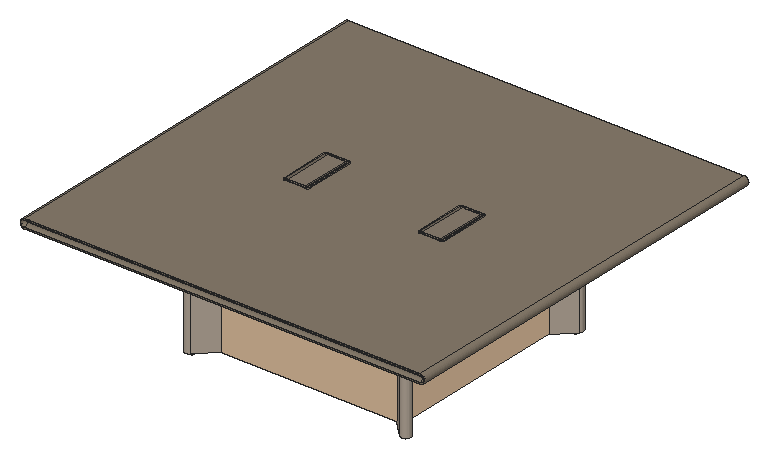
Revit family "Table-Teknion-CFSBCN_Figure_Table_Square_Gable_Enclosed_Base_Bullnose_Cove_Edge-R2023", category Furniture, Revit 2023 (continued)
Definition of nested family "Base"
  Dimensions and locks (in)
    equal spacing: plane 6 "Back", plane 1 "Center Front/Back", plane 7 "Front"
    locked: nested 3 to plane 2 at 0.5
    locked: nested 1 to plane 2 at 0.5
    locked: nested 4 to plane 2 at 0.5
    locked: nested 2 to plane 2 at 0.5
    locked: Sweep 1 sketch curve to plane 2 at 0.5
    locked: plane 8 "Top" to Sweep 1 sketch curve at 1.75
    locked: plane 8 "Top" to Sweep 2 sketch curve at 0.75
    locked: Sweep 2 sketch curve to plane 2 at 0.5
    Sweep 2 sketch curve to Sweep 2 sketch curve to plane 13 = 0.000" locked, 0.35355" locked
    plane 15 to Sweep 2 sketch curve to Sweep 2 sketch curve = 0.35355" locked, 0.000" locked
    plane 14 to Sweep 2 sketch curve to Sweep 2 sketch curve = 0.35355" locked, 0.000" locked
    plane 16 to Sweep 2 sketch curve to Sweep 2 sketch curve = 0.35355" locked, 0.000" locked
    "Base Size": plane 18 to plane 20
    "Base Size": plane 19 to plane 17
    locked: plane 19 to Sweep 1 sketch curve at 0.75
    locked: Sweep 1 sketch curve to plane 20 at 0.75
    locked: Sweep 1 sketch curve to plane 17 at 0.75
    locked: plane 18 to Sweep 1 sketch curve at 0.75
    equal spacing: plane 19, plane 3 "Center Left/Right", plane 17
    equal spacing: plane 18, plane 1 "Center Front/Back", plane 20
    equal spacing: plane 12, plane 1 "Center Front/Back", plane 10
    equal spacing: plane 9, plane 3 "Center Left/Right", plane 11
    "Glide Dim": plane 9 to plane 11
    "Glide Dim": plane 12 to plane 10
    equal spacing: plane 25, plane 22, plane 26
    equal spacing: plane 24, plane 21, plane 23
    equal spacing: plane 29, plane 21, plane 27
    equal spacing: plane 28, plane 22, plane 30
    "Top Cutout": plane 29 to plane 27
    "Bottom Cutout": plane 24 to plane 23
    locked: Sweep 3 sketch curve to plane 2 at 8
    locked: plane 8 "Top" to Sweep 4 sketch curve at 6.75
    equal spacing: plane 13, plane 3 "Center Left/Right", plane 15
    equal spacing: plane 16, plane 1 "Center Front/Back", plane 14
    "Glide Dim 2": plane 13 to plane 15
    "Glide Dim 2": plane 14 to plane 16
    locked: nested 6 to plane 2 at 0.5
    locked: nested 7 to plane 2 at 0.5
    locked: nested 5 to plane 2 at 0.5
    locked: nested 8 to plane 2 at 0.5
    "Bottom Cutout": plane 25 to plane 26
    "Top Cutout": plane 28 to plane 30
    aligned and locked: level to plane 2
    aligned and locked: curve 1 to plane 6 "Back"
    aligned and locked: curve 2 to plane 4 "Left"
    aligned and locked: curve 3 to plane 5 "Right"
    aligned and locked: curve 4 to plane 7 "Front"
    aligned and locked: nested 2 to plane 10
    aligned and locked: plane 11 to nested 2
    aligned and locked: nested 4 to plane 9
    aligned and locked: nested 4 to plane 10
    aligned and locked: nested 3 to plane 12
    aligned and locked: nested 3 to plane 9
    aligned and locked: nested 1 to plane 11
    aligned and locked: plane 12 to nested 1
    aligned and locked: nested 6 to plane 13
    aligned and locked: nested 6 to plane 16
    aligned and locked: nested 5 to plane 16
    aligned and locked: nested 5 to plane 15
    aligned and locked: nested 8 to plane 15
    aligned and locked: plane 14 to nested 8
    aligned and locked: nested 7 to plane 14
    aligned and locked: plane 13 to nested 7
    aligned and locked: Sweep 1 sketch curve to plane 3 "Center Left/Right"
    aligned and locked: Sweep 2 sketch curve to plane 3 "Center Left/Right"
    aligned and locked: Sweep 1 sketch curve to plane 20
    aligned and locked: Sweep 1 sketch curve to plane 17
    aligned and locked: Sweep 1 sketch curve to plane 18
    aligned and locked: Sweep 1 sketch curve to plane 19
    aligned and locked: plane 2 to Sweep 3 sketch curve
    aligned and locked: Sweep 3 sketch curve to plane 3 "Center Left/Right"
    aligned and locked: Sweep 3 sketch curve to plane 25
    aligned and locked: Sweep 3 sketch curve to plane 24
    aligned and locked: Sweep 3 sketch curve to plane 26
    aligned and locked: Sweep 3 sketch curve to plane 23
    aligned and locked: plane 8 "Top" to Sweep 4 sketch curve
    aligned and locked: plane 3 "Center Left/Right" to Sweep 4 sketch curve
    aligned and locked: Sweep 4 sketch curve to plane 30
    aligned and locked: Sweep 4 sketch curve to plane 27
    aligned and locked: Sweep 4 sketch curve to plane 29
    aligned and locked: Sweep 4 sketch curve to plane 28
    aligned and locked: curve 5 to cut or joined group of Sweep 2, Sweep 3, Sweep 4
    aligned and locked: cut or joined group of Sweep 2, Sweep 3, Sweep 4 to curve 6
    aligned and locked: curve 7 to cut or joined group of Sweep 2, Sweep 3, Sweep 4
    aligned and locked: cut or joined group of Sweep 2, Sweep 3, Sweep 4 to curve 8
    aligned and locked: curve 9 to cut or joined group of Sweep 2, Sweep 3, Sweep 4
    aligned and locked: cut or joined group of Sweep 2, Sweep 3, Sweep 4 to curve 10
    aligned and locked: curve 11 to cut or joined group of Sweep 2, Sweep 3, Sweep 4
    aligned and locked: cut or joined group of Sweep 2, Sweep 3, Sweep 4 to curve 12
    aligned and locked: cut or joined group of Sweep 2, Sweep 3, Sweep 4 to curve 13
    aligned and locked: curve 14 to cut or joined group of Sweep 2, Sweep 3, Sweep 4
    aligned and locked: cut or joined group of Sweep 2, Sweep 3, Sweep 4 to curve 17
    aligned and locked: curve 18 to cut or joined group of Sweep 2, Sweep 3, Sweep 4
    aligned and locked: cut or joined group of Sweep 2, Sweep 3, Sweep 4 to curve 20
    aligned and locked: curve 21 to cut or joined group of Sweep 2, Sweep 3, Sweep 4
    aligned and locked: cut or joined group of Sweep 2, Sweep 3, Sweep 4 to curve 22
    aligned and locked: curve 23 to cut or joined group of Sweep 2, Sweep 3, Sweep 4
    aligned and locked: curve 33 to plane 27
    aligned and locked: curve 34 to plane 24
    aligned and locked: curve 35 to plane 23
    aligned and locked: curve 36 to plane 29
    aligned and locked: curve 37 to plane 28
    aligned and locked: curve 38 to plane 26
    aligned and locked: curve 39 to plane 25
    aligned and locked: curve 40 to plane 30
  Automatic sketch dimensions
    Sweep 2 sketch curve to profile plane = 0.000"  (x2)
    plane 1 "Center Front/Back" to Sweep 2 sketch curve = 0.000"  (x2)
    Sweep 2 sketch curve to Sweep 2 sketch curve = 0.70711"  (x10)
    plane 1 "Center Front/Back" to Sweep 2 sketch curve = 1.41421"
    profile plane to Sweep 2 sketch curve = 1.41421"
    plane 13 to curve 13 = 0.35355"
    plane 14 to curve 15 = 0.35355"
    plane 15 to curve 18 = 0.35355"
    plane 14 to curve 17 = 0.35355"
    plane 16 to curve 20 = 0.35355"
    plane 13 to curve 19 = 0.35355"
    plane 15 to curve 23 = 0.35355"
    plane 16 to curve 24 = 0.35355"
    curve 26 to plane 18 = 0.000"
    curve 25 to plane 19 = 0.000"
    curve 28 to plane 20 = 0.000"
    plane 19 to curve 29 = 0.750"
    plane 20 to curve 30 = 0.750"
    curve 31 to plane 17 = 0.000"
    curve 27 to curve 26 = 0.750"
    curve 32 to curve 27 = 1.41421"
  Nested families (in)
    nested 1: "Family2" at (8.8285, -8.8285, 0), Glide Finish <- "Glide Finish", type "Glide"
      with To render please download texture images found here "https://assets.teknion.com/web/5e81352c1dfdb467/revit-material-swatches/", How To Use Teknion Materials User Guide "https://assets.teknion.com/m/205dd0a49fa58060/original/How-to-add-a-Material-Library-and-Texture-Images-to-your-Revit-project.pdf", Glide Finish none, For Additional Finishes please visit "https://assets.teknion.com/m/44a8009b046e5d47/original/Teknion_Materials_Library.zip"
    nested 2: "Family2" at (8.8285, 8.8285, 0), Glide Finish <- "Glide Finish", type "Glide"
      with To render please download texture images found here "https://assets.teknion.com/web/5e81352c1dfdb467/revit-material-swatches/", How To Use Teknion Materials User Guide "https://assets.teknion.com/m/205dd0a49fa58060/original/How-to-add-a-Material-Library-and-Texture-Images-to-your-Revit-project.pdf", Glide Finish none, For Additional Finishes please visit "https://assets.teknion.com/m/44a8009b046e5d47/original/Teknion_Materials_Library.zip"
    nested 3: "Family2" at (-8.8285, -8.8285, 0), Glide Finish <- "Glide Finish", type "Glide"
      with To render please download texture images found here "https://assets.teknion.com/web/5e81352c1dfdb467/revit-material-swatches/", How To Use Teknion Materials User Guide "https://assets.teknion.com/m/205dd0a49fa58060/original/How-to-add-a-Material-Library-and-Texture-Images-to-your-Revit-project.pdf", Glide Finish none, For Additional Finishes please visit "https://assets.teknion.com/m/44a8009b046e5d47/original/Teknion_Materials_Library.zip"
    nested 4: "Family2" at (-8.8285, 8.8285, 0), Glide Finish <- "Glide Finish", type "Glide"
      with To render please download texture images found here "https://assets.teknion.com/web/5e81352c1dfdb467/revit-material-swatches/", How To Use Teknion Materials User Guide "https://assets.teknion.com/m/205dd0a49fa58060/original/How-to-add-a-Material-Library-and-Texture-Images-to-your-Revit-project.pdf", Glide Finish none, For Additional Finishes please visit "https://assets.teknion.com/m/44a8009b046e5d47/original/Teknion_Materials_Library.zip"
    nested 5: "Family2" at (23.688, -23.688, 0), Glide Finish <- "Glide Finish", type "Glide"
      with To render please download texture images found here "https://assets.teknion.com/web/5e81352c1dfdb467/revit-material-swatches/", How To Use Teknion Materials User Guide "https://assets.teknion.com/m/205dd0a49fa58060/original/How-to-add-a-Material-Library-and-Texture-Images-to-your-Revit-project.pdf", Glide Finish none, For Additional Finishes please visit "https://assets.teknion.com/m/44a8009b046e5d47/original/Teknion_Materials_Library.zip"
    nested 6: "Family2" at (-23.688, -23.688, 0), Glide Finish <- "Glide Finish", type "Glide"
      with To render please download texture images found here "https://assets.teknion.com/web/5e81352c1dfdb467/revit-material-swatches/", How To Use Teknion Materials User Guide "https://assets.teknion.com/m/205dd0a49fa58060/original/How-to-add-a-Material-Library-and-Texture-Images-to-your-Revit-project.pdf", Glide Finish none, For Additional Finishes please visit "https://assets.teknion.com/m/44a8009b046e5d47/original/Teknion_Materials_Library.zip"
    nested 7: "Family2" at (-23.688, 23.688, 0), Glide Finish <- "Glide Finish", type "Glide"
      with To render please download texture images found here "https://assets.teknion.com/web/5e81352c1dfdb467/revit-material-swatches/", How To Use Teknion Materials User Guide "https://assets.teknion.com/m/205dd0a49fa58060/original/How-to-add-a-Material-Library-and-Texture-Images-to-your-Revit-project.pdf", Glide Finish none, For Additional Finishes please visit "https://assets.teknion.com/m/44a8009b046e5d47/original/Teknion_Materials_Library.zip"
    nested 8: "Family2" at (23.688, 23.688, 0), Glide Finish <- "Glide Finish", type "Glide"
      with To render please download texture images found here "https://assets.teknion.com/web/5e81352c1dfdb467/revit-material-swatches/", How To Use Teknion Materials User Guide "https://assets.teknion.com/m/205dd0a49fa58060/original/How-to-add-a-Material-Library-and-Texture-Images-to-your-Revit-project.pdf", Glide Finish none, For Additional Finishes please visit "https://assets.teknion.com/m/44a8009b046e5d47/original/Teknion_Materials_Library.zip"
  Definition of nested family "Family2"
    Parameters (values of type "Glide")
      Warranty = "http://www.teknion.com/ca/papers/legal-canada"
      Unit Weight URL = "http://www.teknion.com/ca/tools/assets#&asset=bee6a381-b954-425e-8283-5a2de3a804f2,f828d448-4b62-4231-9e5f-9a8991c0ed77"
      URL = "www.teknion.com"
      To render please download texture images found here [instance] = "https://assets.teknion.com/web/5e81352c1dfdb467/revit-material-swatches/"
      Sustainability Data = "https://www.teknion.com/ca/tools/assets#&topic=216f99a5-57a0-44fc-b10a-9dee9b29ae4c&asset=444deb64-fe58-4b68-981e-f75e97781df7,b4ff2d81-9f2e-437d-9659-7cffb09c31cf"
      Series = ""
      Product Page URL = ""
      Product Line = ""
      Product Documentation Link = ""
      Part Number = ""
      Model = ""
      Manufacturer Phone = "416-661-3370"  # constant formula
      Manufacturer Fax = "416.661.4586"  # constant formula
      Manufacturer Contact Information = "http://www.teknion.com/ca/contactus"
      Manufacturer Address = "1150 Flint Road, Toronto, ON. M3J 2J5. Canada"  # constant formula
      Manufacturer = "Teknion"  # constant formula
      How To Use Teknion Materials User Guide [instance] = "https://assets.teknion.com/m/205dd0a49fa58060/original/How-to-add-a-Material-Library-and-Texture-Images-to-your-Revit-project.pdf"
      Glide Finish [instance] = none
      For Additional Finishes please visit [instance] = "https://assets.teknion.com/m/44a8009b046e5d47/original/Teknion_Materials_Library.zip"
      Description = "Glide"
      Default Elevation = 0.000"
      Assembly Code = "E2020200"
    Reference planes (in)
      plane 1 "Center Front/Back": y = 0
      plane 2: z = 0
      plane 3 "Center Left/Right": x = 0
      plane 4 "Left": x = -0.5
      plane 5 "Right": x = 0.5
      plane 6 "Back": y = 0.5
      plane 7 "Front": y = -0.5
      plane 8 "Top": z = 0.5
    Forms (in)
      Sweep 1, solid, material <- "Glide Finish"
        path origin (0, 0, 0) x (1, 0, 0) y (0, 0, 1)
          loop
            line (0, 0.5) -> (0, 0.375)
        profile origin (0, 0, 0.4375) x (0, -1, 0) y (1, 0, 0)
          loop
            line (-0.3125, 0.18042) -> (-0.3125, -0.18042) -> (0, -0.36084) -> (0.3125, -0.18042) -> (0.3125, 0.18042) -> (0, 0.36084) -> (-0.3125, 0.18042)
      Revolve 2, solid, material <- "Glide Finish"
        sketch origin (0, 0, 0) x (1, 0, 0) y (0, 0, 1)
          loop
            arc (-0.4, 0.375) -> (-0.47071, 0.34571) -> (-0.5, 0.275) r 0.1
            line (-0.5, 0.275) -> (-0.5, 0.1)
            arc (-0.5, 0.1) -> (-0.47071, 0.02929) -> (-0.4, 0) r 0.1
            line (-0.4, 0) -> (0, 0) -> (0, 0.375) -> (-0.4, 0.375)
          axis (0, 0) -> (0, 0.375)
        angle from 0 to 360
    Lines and regions (in)
      symbolic lines, detail levels fine
        curve 1: line (0.18042, 0.3125, 0) -> (-0.18042, 0.3125, 0)
        curve 2: line (-0.18042, 0.3125, 0) -> (-0.36084, 0, 0)
        curve 3: line (-0.36084, 0, 0) -> (-0.18042, -0.3125, 0)
        curve 4: line (-0.18042, -0.3125, 0) -> (0.18042, -0.3125, 0)
        curve 5: line (0.18042, -0.3125, 0) -> (0.36084, 0, 0)
        curve 6: line (0.36084, 0, 0) -> (0.18042, 0.3125, 0)
        curve 7: circle (0, 0, 0) r 0.5 normal (0, 0, 1)
    Dimensions and locks (in)
      plane 4 "Left" to plane 5 "Right" = 1.000"
      plane 6 "Back" to plane 7 "Front" = 1.000"
      plane 8 "Top" to level = 0.500"
      equal spacing: plane 7 "Front", plane 1 "Center Front/Back", plane 6 "Back"
      equal spacing: plane 4 "Left", plane 3 "Center Left/Right", plane 5 "Right"
      aligned and locked: level to plane 2
    Automatic sketch dimensions
      Sweep 1 sketch curve to plane 3 "Center Left/Right" = 0.000"
      Sweep 1 sketch curve to plane 8 "Top" = 0.000"
      Sweep 1 sketch curve to Sweep 1 sketch curve = 0.125"
      plane 1 "Center Front/Back" to Sweep 1 sketch curve = 0.000"  (x2)
      Sweep 1 sketch curve to plane 1 "Center Front/Back" = 0.3125"
      plane 1 "Center Front/Back" to Sweep 1 sketch curve = 0.3125"
      profile plane to Sweep 1 sketch curve = 0.36084"
      profile plane to Sweep 1 sketch curve = 0.18042"  (x2)
      Sweep 1 sketch curve to profile plane = 0.18042"  (x2)
      Sweep 1 sketch curve to Sweep 1 sketch curve = 0.18042"
      Revolve 2 sketch curve to plane 4 "Left" = 0.000"
      Revolve 2 sketch curve to level = 0.000"
      Revolve 2 sketch curve to plane 3 "Center Left/Right" = 0.000"  (x2)
      plane 4 "Left" to Revolve 2 sketch curve = 0.100"  (x2)
      Revolve 2 sketch curve to Revolve 2 sketch curve = 0.175"
      Revolve 2 sketch curve to Revolve 2 sketch curve = 0.05184"
      plane 8 "Top" to Revolve 2 sketch curve = 0.13729"
      plane 1 "Center Front/Back" to curve 2 = 0.000"
      plane 1 "Center Front/Back" to curve 7 = 0.000"
      curve 7 to plane 3 "Center Left/Right" = 0.000"
      plane 1 "Center Front/Back" to curve 6 = 0.000"
      curve 4 to plane 3 "Center Left/Right" = 0.18042"
      curve 1 to plane 3 "Center Left/Right" = 0.18042"
      plane 4 "Left" to curve 3 = 0.13916"
      plane 3 "Center Left/Right" to curve 5 = 0.18042"
      plane 3 "Center Left/Right" to curve 1 = 0.18042"
      plane 5 "Right" to curve 6 = 0.13916"
      curve 5 to plane 7 "Front" = 0.1875"
      curve 1 to plane 6 "Back" = 0.1875"
      radius of curve 7 = 0.500"
Definition of nested family "Family2"
  Parameters (values of type "Glide")
    Warranty = "http://www.teknion.com/ca/papers/legal-canada"
    Unit Weight URL = "http://www.teknion.com/ca/tools/assets#&asset=bee6a381-b954-425e-8283-5a2de3a804f2,f828d448-4b62-4231-9e5f-9a8991c0ed77"
    URL = "www.teknion.com"
    To render please download texture images found here [instance] = "https://assets.teknion.com/web/5e81352c1dfdb467/revit-material-swatches/"
    Sustainability Data = "https://www.teknion.com/ca/tools/assets#&topic=216f99a5-57a0-44fc-b10a-9dee9b29ae4c&asset=444deb64-fe58-4b68-981e-f75e97781df7,b4ff2d81-9f2e-437d-9659-7cffb09c31cf"
    Series = ""
    Product Page URL = ""
    Product Line = ""
    Product Documentation Link = ""
    Part Number = ""
    Model = ""
    Manufacturer Phone = "416-661-3370"  # constant formula
    Manufacturer Fax = "416.661.4586"  # constant formula
    Manufacturer Contact Information = "http://www.teknion.com/ca/contactus"
    Manufacturer Address = "1150 Flint Road, Toronto, ON. M3J 2J5. Canada"  # constant formula
    Manufacturer = "Teknion"  # constant formula
    How To Use Teknion Materials User Guide [instance] = "https://assets.teknion.com/m/205dd0a49fa58060/original/How-to-add-a-Material-Library-and-Texture-Images-to-your-Revit-project.pdf"
    Glide Finish [instance] = none
    For Additional Finishes please visit [instance] = "https://assets.teknion.com/m/44a8009b046e5d47/original/Teknion_Materials_Library.zip"
    Description = "Glide"
    Default Elevation = 0.000"
    Assembly Code = "E2020200"
  Reference planes (in)
    plane 1 "Center Front/Back": y = 0
    plane 2: z = 0
    plane 3 "Center Left/Right": x = 0
    plane 4 "Left": x = -0.5
    plane 5 "Right": x = 0.5
    plane 6 "Back": y = 0.5
    plane 7 "Front": y = -0.5
    plane 8 "Top": z = 0.5
  Forms (in)
    Sweep 1, solid, material <- "Glide Finish"
      path origin (0, 0, 0) x (1, 0, 0) y (0, 0, 1)
        loop
          line (0, 0.5) -> (0, 0.375)
      profile origin (0, 0, 0.4375) x (0, -1, 0) y (1, 0, 0)
        loop
          line (-0.3125, 0.18042) -> (-0.3125, -0.18042) -> (0, -0.36084) -> (0.3125, -0.18042) -> (0.3125, 0.18042) -> (0, 0.36084) -> (-0.3125, 0.18042)
    Revolve 2, solid, material <- "Glide Finish"
      sketch origin (0, 0, 0) x (1, 0, 0) y (0, 0, 1)
        loop
          arc (-0.4, 0.375) -> (-0.47071, 0.34571) -> (-0.5, 0.275) r 0.1
          line (-0.5, 0.275) -> (-0.5, 0.1)
          arc (-0.5, 0.1) -> (-0.47071, 0.02929) -> (-0.4, 0) r 0.1
          line (-0.4, 0) -> (0, 0) -> (0, 0.375) -> (-0.4, 0.375)
        axis (0, 0) -> (0, 0.375)
      angle from 0 to 360
  Lines and regions (in)
    symbolic lines, detail levels fine
      curve 1: line (0.18042, 0.3125, 0) -> (-0.18042, 0.3125, 0)
      curve 2: line (-0.18042, 0.3125, 0) -> (-0.36084, 0, 0)
      curve 3: line (-0.36084, 0, 0) -> (-0.18042, -0.3125, 0)
      curve 4: line (-0.18042, -0.3125, 0) -> (0.18042, -0.3125, 0)
      curve 5: line (0.18042, -0.3125, 0) -> (0.36084, 0, 0)
      curve 6: line (0.36084, 0, 0) -> (0.18042, 0.3125, 0)
      curve 7: circle (0, 0, 0) r 0.5 normal (0, 0, 1)
  Dimensions and locks (in)
    plane 4 "Left" to plane 5 "Right" = 1.000"
    plane 6 "Back" to plane 7 "Front" = 1.000"
    plane 8 "Top" to level = 0.500"
    equal spacing: plane 7 "Front", plane 1 "Center Front/Back", plane 6 "Back"
    equal spacing: plane 4 "Left", plane 3 "Center Left/Right", plane 5 "Right"
    aligned and locked: level to plane 2
  Automatic sketch dimensions
    Sweep 1 sketch curve to plane 3 "Center Left/Right" = 0.000"
    Sweep 1 sketch curve to plane 8 "Top" = 0.000"
    Sweep 1 sketch curve to Sweep 1 sketch curve = 0.125"
    plane 1 "Center Front/Back" to Sweep 1 sketch curve = 0.000"  (x2)
    Sweep 1 sketch curve to plane 1 "Center Front/Back" = 0.3125"
    plane 1 "Center Front/Back" to Sweep 1 sketch curve = 0.3125"
    profile plane to Sweep 1 sketch curve = 0.36084"
    profile plane to Sweep 1 sketch curve = 0.18042"  (x2)
    Sweep 1 sketch curve to profile plane = 0.18042"  (x2)
    Sweep 1 sketch curve to Sweep 1 sketch curve = 0.18042"
    Revolve 2 sketch curve to plane 4 "Left" = 0.000"
    Revolve 2 sketch curve to level = 0.000"
    Revolve 2 sketch curve to plane 3 "Center Left/Right" = 0.000"  (x2)
    plane 4 "Left" to Revolve 2 sketch curve = 0.100"  (x2)
    Revolve 2 sketch curve to Revolve 2 sketch curve = 0.175"
    Revolve 2 sketch curve to Revolve 2 sketch curve = 0.05184"
    plane 8 "Top" to Revolve 2 sketch curve = 0.13729"
    plane 1 "Center Front/Back" to curve 2 = 0.000"
    plane 1 "Center Front/Back" to curve 7 = 0.000"
    curve 7 to plane 3 "Center Left/Right" = 0.000"
    plane 1 "Center Front/Back" to curve 6 = 0.000"
    curve 4 to plane 3 "Center Left/Right" = 0.18042"
    curve 1 to plane 3 "Center Left/Right" = 0.18042"
    plane 4 "Left" to curve 3 = 0.13916"
    plane 3 "Center Left/Right" to curve 5 = 0.18042"
    plane 3 "Center Left/Right" to curve 1 = 0.18042"
    plane 5 "Right" to curve 6 = 0.13916"
    curve 5 to plane 7 "Front" = 0.1875"
    curve 1 to plane 6 "Back" = 0.1875"
    radius of curve 7 = 0.500"
Definition of nested family "Teknion_2D_Node_Family-R2021"
  Reference planes (in)
    plane 1 "Center (Front/Back)": y = 0
    plane 2: z = 0
    plane 3 "Center (Left/Right)": x = 0
  Lines and regions (in)
    detail lines, in view "Ref. Level"
      curve 1: circle (0, 0, 0) r 1.25 normal (0, 0, 1)
      curve 2: line (1.91508, -1.91508, 0) -> (-1.91508, 1.91508, 0)
      curve 3: line (-1.91508, -1.91508, 0) -> (1.91508, 1.91508, 0)
